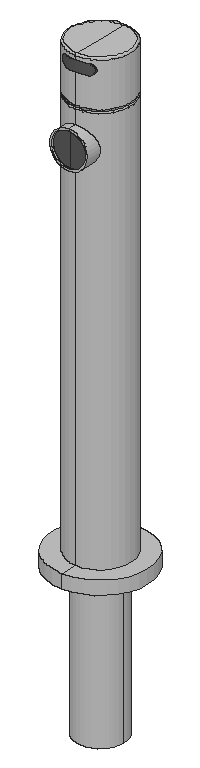
Revit family "Plumbing-Fix_Faucet-Touchless_Stern_D28", category Plumbing Fixtures, host Face, Revit 2026
Family settings
  Host = Face
  Round Connector Dimension = Use Diameter
  Part Type = Normal
  Classification Number = 23.45.55.14
  Enable Cutting in Views = No
  Cut with Voids When Loaded = No
  Maintain Annotation Orientation = No
  Shared = No
  Room Calculation Point = No
Parameters (values of type "Dual Power AISI316 Transformer 0.5 GPM")
  Waste Connection = no
  Warranty Duration (Years) = 2
  WFU = 0
  Vent Connection = no
  Unit Width = 0' - 1 3/4"
  Unit Height = 0' - 0"
  URL = "http://www.sternfaucets.com/"
  Type Comments = "as Specified"
  Standards Conformance = "Lead Free"
  Spout Reach = 0' - 7 1/8"
  Specification = ""
  SpecWizard = ""
  Sales Information = "http://www.sternfaucets.com/contact-us/contact-us-int-l.html"
  Revision = "R1_2018-04"
  Product Properties = ""
  Product Features = "Security Shut Off Timer  ;  AISI 316 Body"
  Product Data = "http://www.arcat.com/arcatcos/cos50/arc50092.html"
  Power Supply = "as Specified"
  Piping_Inlet Diameter = 1/2"
  Piping_Flow = 0 GPM
  Operating Temperature Range = "Up to 149 F / 65 C"
  Operating Pressure Range = "7.26 - 116 PSI  ;  0.5 - 8 bar"
  Model = "D28 DP E AISI316"
  Manufacturer Website = "http://www.sternfaucets.com/"
  Manufacturer Phone - Toll Free = "800-436-4410"
  Manufacturer Phone = ""
  Manufacturer Fax = ""
  Manufacturer Address = "777 Passaic Ave.  Clifton, NJ 07012"
  Manufacturer = "Stern Engineering"
  Maintenance Schedule (Months) = 0
  Keynote = "22 40 00"
  Installation Phase = ""
  HWFU = 1
  HW Connection = yes
  Green Building-LEED = ""
  Fixture Finish [instance] = Finish - Stern - Chrome
  Expected Lifespan (Years) = 0
  Drawn By = "Sumex Design, Inc. / Robert S. Weygant, CSI, CDT, SCIP"
  Description = "Stern Touchless Wall Mounted Faucet - D28 DP E AISI316 as Specified"
  Default Elevation = 0' - 0"
  Cost = 0
  Copyright = "©Arcat Inc."
  Construction Details = ""
  CWFU = 1
  CW Connection = yes
  Body Construction = ""
  Available Options = "as Specified"
  Assembly Code = "D2010300"
  Accent Color [instance] = Finish - Stern - Black
Types (16): name | Product Features | Power Supply | Model | Description
  Dual Power AISI316 Transformer 0.5 GPM | "Security Shut Off Timer  ;  AISI 316 Body" | "as Specified" | "D28 DP E AISI316" | "Stern Touchless Wall Mounted Faucet - D28 DP E AISI316 as Specified"
  AISI316 Battery Pack 0.5 GPM | "Security Shut Off Timer  ;  AISI 316 Body" | "9V Battery" | "D28 B AISI316" | "Stern Touchless Wall Mounted Faucet - D28 B AISI316 as Specified"
  Dual Power Standard Transformer 1.32 GPM | "Security Shut Off Timer" | "as Specified" | "D28 DP E" | "Stern Touchless Wall Mounted Faucet - D28 DP E as Specified"
  Dual Power AISI316 Transformer 1.32 GPM | "Security Shut Off Timer  ;  AISI 316 Body" | "as Specified" | "D28 DP E AISI316" | "Stern Touchless Wall Mounted Faucet - D28 DP E AISI316 as Specified"
  Dual Power Standard Transformer 0.5 GPM | "Security Shut Off Timer" | "as Specified" | "D28 DP E" | "Stern Touchless Wall Mounted Faucet - D28 DP E as Specified"
  Dual Power Standard Battery Pack 0.5 GPM | "Security Shut Off Timer" | "as Specified" | "D28 DP B" | "Stern Touchless Wall Mounted Faucet - D28 DP B as Specified"
  Dual Power Standard Battery Pack 1.32 GPM | "Security Shut Off Timer" | "as Specified" | "D28 DP B" | "Stern Touchless Wall Mounted Faucet - D28 DP B as Specified"
  AISI316 Transformer 0.5 GPM | "Security Shut Off Timer  ;  AISI 316 Body" | "9V Transformer" | "D28 E AISI316" | "Stern Touchless Wall Mounted Faucet - D28 E AISI316 as Specified"
  Standard Battery Pack 0.5 GPM | "Security Shut Off Timer" | "9V Battery" | "D28 B" | "Stern Touchless Wall Mounted Faucet - D28 B as Specified"
  Standard Battery Pack 1.32 GPM | "Security Shut Off Timer" | "9V Battery" | "D28 B" | "Stern Touchless Wall Mounted Faucet - D28 B as Specified"
  Dual Power AISI316 Battery Pack 0.5 GPM | "Security Shut Off Timer  ;  AISI 316 Body" | "as Specified" | "D28 DP B AISI316" | "Stern Touchless Wall Mounted Faucet - D28 DP B AISI316 as Specified"
  AISI316 Transformer 1.32 GPM | "Security Shut Off Timer  ;  AISI 316 Body" | "9V Transformer" | "D28 E AISI316" | "Stern Touchless Wall Mounted Faucet - D28 E AISI316 as Specified"
  Dual Power AISI316 Battery Pack 1.32 GPM | "Security Shut Off Timer  ;  AISI 316 Body" | "as Specified" | "D28 DP B AISI316" | "Stern Touchless Wall Mounted Faucet - D28 DP B AISI316 as Specified"
  Standard Transformer 1.32 GPM | "Security Shut Off Timer" | "9V Transformer" | "D28 E" | "Stern Touchless Wall Mounted Faucet - D28 E as Specified"
  AISI316 Battery Pack 1.32 GPM | "Security Shut Off Timer  ;  AISI 316 Body" | "9V Battery" | "D28 B AISI316" | "Stern Touchless Wall Mounted Faucet - D28 B AISI316 as Specified"
  Standard Transformer 0.5 GPM | "Security Shut Off Timer" | "9V Transformer" | "D28 E" | "Stern Touchless Wall Mounted Faucet - D28 E as Specified"
Reference planes (in)
  plane 1 "Center (Front/Back)": y = 0
  plane 2: z = 0
  plane 3 "Center (Left/Right)": x = 0
  plane 4: z = 7.125
Forms (in)
  Extrusion 1, solid, material "Finish - Stern - Chrome" <- "Fixture Finish"
    sketch origin (0, 0, 0) x (1, 0, 0) y (0, 1, 0)
      loop
        circle (0, 0) r 0.4375
    from 0 to -2.75
  Revolve 2, solid, material "Finish - Stern - Chrome" <- "Fixture Finish"
    sketch origin (0, 0, 0) x (0, 1, 0) y (0, 0, 1)
      loop
        line (0, 0) -> (0.875, 0) -> (0.875, 0.25) -> (0.5625, 0.25) -> (0.5625, 7.71875)
        arc (0.5625, 7.71875) -> (0.55335, 7.74085) -> (0.53125, 7.75) r 0.03125
        arc (0.53125, 7.75) -> (0.55335, 7.75915) -> (0.5625, 7.78125) r 0.03125
        line (0.5625, 7.78125) -> (0.5625, 8.59375)
        arc (0.5625, 8.59375) -> (0.55335, 8.61585) -> (0.53125, 8.625) r 0.03125
        line (0.53125, 8.625) -> (0, 8.625) -> (0, 0)
      axis (0, 8.625) -> (0, 0)
    angle from 0 to 360
  Revolve 3, solid, material "Finish - Stern - Chrome" <- "Fixture Finish"
    sketch origin (0, 0, 0) x (0, 1, 0) y (0, 0, 1)
      loop
        line (-0.30733, 7.125) -> (-0.30733, 7.46875) -> (-0.72288, 7.46875) -> (-0.72288, 7.4375) -> (-0.69163, 7.4375) -> (-0.69163, 7.125) -> (-0.30733, 7.125)
      axis (-0.72288, 7.125) -> (-0.30733, 7.125)
    angle from 0 to 360
  Extrusion 4, solid, material "Finish - Stern - Black" <- "Accent Color"
    sketch origin (0, 0, 0) x (1, 0, 0) y (0, 0, 1)
      loop
        line (0.21035, 8.52622) -> (-0.21035, 8.52622)
        arc (-0.21035, 8.52622) -> (-0.30673, 8.42983) -> (-0.21035, 8.33344) r 0.09639
        line (-0.21035, 8.33344) -> (0.21035, 8.33344)
        arc (0.21035, 8.33344) -> (0.30673, 8.42983) -> (0.21035, 8.52622) r 0.09639
    from 0 to 0.5713
  Extrusion 5, void
    sketch origin (0, 0, 0) x (1, 0, 0) y (0, 1, 0)
      loop
        arc (0.32311, -0.4747) -> (-0.0012, -0.57031) -> (-0.32512, -0.47339) r 0.59375
        line (-0.32512, -0.47339) -> (-0.32512, -0.65797) -> (0.32311, -0.65797) -> (0.32311, -0.4747)
    from 8.16305 to 8.66259
Cuts and joins
  Extrusion 5 cuts Revolve 2
  Extrusion 5 cuts Extrusion 4
Dimensions and locks (in)
  "Spout Reach": plane 4 to level
  aligned and locked: plane 2 to host face
  aligned and locked: level to host face
Automatic sketch dimensions
  host sketch curve to host sketch curve = 8' - 0"  (x2)
  plane 1 "Center (Front/Back)" to Extrusion 1 sketch curve = 0' - 0"
  Extrusion 1 sketch curve to plane 3 "Center (Left/Right)" = 0' - 0"
  Revolve 2 sketch curve to plane 1 "Center (Front/Back)" = 0' - 0"  (x2)
  Revolve 2 sketch curve to level = 0' - 0"
  Revolve 2 sketch curve to plane 1 "Center (Front/Back)" = 0' - 0 17/32"  (x2)
  Revolve 2 sketch curve to Revolve 2 sketch curve = 0' - 0"
  Revolve 2 sketch curve to Revolve 2 sketch curve = 0' - 0 1/32"  (x3)
  Revolve 2 sketch curve to Revolve 2 sketch curve = 0' - 0 5/16"
  level to Revolve 2 sketch curve = 0' - 0 1/4"
  plane 4 to Revolve 2 sketch curve = 0' - 0 19/32"
  Revolve 2 sketch curve to Revolve 2 sketch curve = 0' - 0 13/16"
  Revolve 2 sketch curve to level = 0' - 3 7/8"
  Revolve 2 sketch curve to Revolve 2 sketch curve = 0' - 1"
  Revolve 3 sketch curve to plane 4 = 0' - 0"  (x2)
  plane 4 to Revolve 3 sketch curve = 0' - 0 5/16"
  plane 1 "Center (Front/Back)" to Revolve 3 sketch curve = 0' - 0.72288"
  Revolve 3 sketch curve to Revolve 3 sketch curve = 0' - 0 1/32"
  plane 1 "Center (Front/Back)" to Revolve 3 sketch curve = 0' - 0.30733"
  Revolve 3 sketch curve to Revolve 3 sketch curve = 0' - 0 11/32"
  Revolve 3 sketch curve to Revolve 3 sketch curve = 0' - 0.39981"
  Revolve 3 sketch curve to plane 1 "Center (Front/Back)" = 0' - 1.25046"
  plane 3 "Center (Left/Right)" to Extrusion 4 sketch curve = 0' - 0.21035"
  Extrusion 4 sketch curve to plane 3 "Center (Left/Right)" = 0' - 0.21035"
  plane 4 to Extrusion 4 sketch curve = 0' - 1.30483"
  Extrusion 4 sketch curve to Extrusion 4 sketch curve = 0' - 0.09639"
  Extrusion 5 sketch curve to plane 1 "Center (Front/Back)" = 0' - 0 3/128"
  Extrusion 5 sketch curve to plane 3 "Center (Left/Right)" = 0' - 0"
  Extrusion 5 sketch curve to plane 3 "Center (Left/Right)" = 0' - 0.32512"
  plane 3 "Center (Left/Right)" to Extrusion 5 sketch curve = 0' - 0.32311"
  plane 1 "Center (Front/Back)" to Extrusion 5 sketch curve = 0' - 0.47339"
  Extrusion 5 sketch curve to Extrusion 5 sketch curve = 0' - 0.18458"
  radius of Extrusion 1 sketch curve = 0' - 0 7/16"
Connectors (in)
  piping at (0, 0, -2.75), diameter 0.5, driven by "Piping_Flow", driven by "Piping_Inlet Diameter"
    settings: on Extrusion 1, index 2, connector inside diameter 24", connector length 0' - 0", flow factor 0, pipe flow 0 GPM, pressure drop 0.00 psi, fitting loss kfactor 0, connector angle 0.00°, fixture units 0, engagement length 0' - 0", angle of deflection 0.00°, flow configuration 0, flow direction 1, fitting loss method 0, system type 22, joint type 0, gender type 0, connector reference index -1, connector utility 0, adjustable connector no, is connector primary yes, connector description "Tempered Inlet"
  electrical at (0, 0, 0)
    settings: on Revolve 2, index 3, voltage 0 V, apparent load 0 VA, apparent load phase1 0 VA, apparent load phase2 0 VA, apparent load phase3 0 VA, power factor 1, load classification "Other", number of poles 1, system type 13, power factor state 1, is connector primary yes, connector utility no, sub classification motor no, connector description ""
